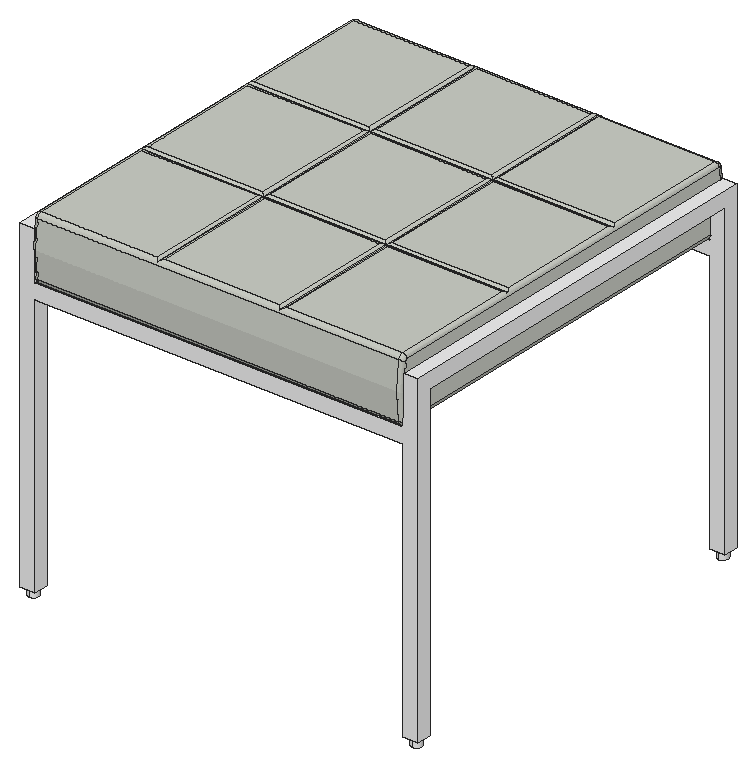
Revit family
Parameters
  Width = 1' - 8"  # constant formula
  URL = "http://elanbydecca.com/"
  Upholstery [instance] = Furniture - DECCA (Elan) - Ethos - Upholstery
  Base [instance] = Furniture - DECCA (Elan) - Ethos - Base
  Product URL = "http://elanbydecca.com/PDFs/elan_tearsheet-vertex.pdf"
  Model = "FT BE630"
  Manufacturer = "Decca Contract"
  Height = 1' - 5 1/2"  # constant formula
  Description = "Ethos, Bench"
  Depth = 1' - 8"  # constant formula
  Assembly Description = "Furniture & Accessories"
  Assembly Code = "E2020200"
Reference planes (in)
  plane 1 "Center Front/Back": y = -0.7524
  plane 2: z = 0
  plane 3 "Center Left/Right": x = 0
  plane 4 "L": x = -10
  plane 5 "R": x = 10
  plane 6 "F": y = -10.7524
  plane 7: y = 9.2476
  plane 8: through (-6.25338, 2.33237, 23.38953) normal (0.4297, -0.4297, 0.7941)
  plane 9 "ST": z = 17.5
  plane 10: z = 0.375
  plane 11: x = -9.25
  plane 12: x = 9.25
  plane 13: z = 16.75
  plane 14: z = 16
  plane 15: z = 13.57168
  plane 16: z = 14.32168
  plane 17: y = 8.4976
  plane 18: y = -10.0024
  plane 19: x = -0.375
  plane 20: x = 0.375
  plane 21: y = 2.58093
  plane 22: y = -4.08573
  plane 23: x = -3.08333
  plane 24: x = 3.08333
Forms (in)
  Extrusion 1, solid, material "Furniture - DECCA (Elan) - Ethos - Base" <- "Base"
    sketch origin (0, 0, 0) x (0, 1, 0) y (0, 0, 1)
      loop
        line (9.2476, 0.375) -> (9.2476, 16.75) -> (-10.7524, 16.75) -> (-10.7524, 0.375) -> (-10.0024, 0.375) -> (-10.0024, 16) -> (8.4976, 16) -> (8.4976, 0.375) -> (9.2476, 0.375)
    from -10 to -9.25
  Extrusion 2, solid, material "Furniture - DECCA (Elan) - Ethos - Base" <- "Base"
    sketch origin (0, 0, 0) x (0, 1, 0) y (0, 0, 1)
      loop
        line (9.2476, 0.375) -> (9.2476, 16.75) -> (-10.7524, 16.75) -> (-10.7524, 0.375) -> (-10.0024, 0.375) -> (-10.0024, 16) -> (8.4976, 16) -> (8.4976, 0.375) -> (9.2476, 0.375)
    from 9.25 to 10
  Extrusion 3, solid, material "Furniture - DECCA (Elan) - Ethos - Base" <- "Base"
    sketch origin (0, 0, 0) x (0, 1, 0) y (0, 0, 1)
      loop
        line (9.2476, 13.57168) -> (9.2476, 14.32168) -> (8.4976, 14.32168) -> (8.4976, 13.57168) -> (9.2476, 13.57168)
      loop
        line (-10.7524, 13.57168) -> (-10.0024, 13.57168) -> (-10.0024, 14.32168) -> (-10.7524, 14.32168) -> (-10.7524, 13.57168)
    from -9.25 to 9.25
  Extrusion 4, solid, material "Furniture - DECCA (Elan) - Ethos - Base" <- "Base"
    sketch origin (0, 0, 7.44949) x (0, -1, 0) y (1, 0, 0)
      loop
        circle (-8.8726, -9.625) r 0.25
      loop
        circle (-8.8726, 9.625) r 0.25
      loop
        circle (10.3774, -9.625) r 0.25
      loop
        circle (10.3774, 9.625) r 0.25
    from -7.44949 to -7.07449
  Extrusion 5, solid, material "Furniture - DECCA (Elan) - Ethos - Base" <- "Base"
    sketch origin (0, -16.42176, 0) x (1, 0, 0) y (0, 0, -1)
      loop
        line (-0.375, -14.32168) -> (0.375, -14.32168) -> (0.375, -13.57168) -> (-0.375, -13.57168) -> (-0.375, -14.32168)
    from 6.41936 to 24.91936
  Extrusion 6, solid, material "Furniture - DECCA (Elan) - Ethos - Upholstery" <- "Upholstery"
    sketch origin (0, 0, 0) x (0, 1, 0) y (0, 0, 1)
      loop
        line (9.04223, 17.5) -> (-10.54703, 17.5)
        arc (-10.54703, 17.5) -> (-10.70704, 17.44208) -> (-10.79292, 17.29516) r 0.25
        arc (-10.79292, 17.29516) -> (-10.919, 15.91084) -> (-10.79292, 14.52651) r 7.66267
        arc (-10.79292, 14.52651) -> (-10.70704, 14.3796) -> (-10.54703, 14.32168) r 0.25
        line (-10.54703, 14.32168) -> (9.04223, 14.32168)
        arc (9.04223, 14.32168) -> (9.20224, 14.3796) -> (9.28812, 14.52651) r 0.25
        arc (9.28812, 14.52651) -> (9.4142, 15.91084) -> (9.28812, 17.29516) r 7.66267
        arc (9.28812, 17.29516) -> (9.20224, 17.44208) -> (9.04223, 17.5) r 0.25
    from -9.25 to 9.25
  Sweep 7, void
    path origin (-9.25, 0, 0) x (0, 1, 0) y (0, 0, 1)
      loop
        arc (-10.54703, 17.5) -> (-10.70704, 17.44208) -> (-10.79292, 17.29516) r 0.25
        arc (-10.79292, 17.29516) -> (-10.919, 15.91084) -> (-10.79292, 14.52651) r 7.66267
        arc (-10.79292, 14.52651) -> (-10.70704, 14.3796) -> (-10.54703, 14.32168) r 0.25
        line (-10.54703, 14.32168) -> (9.04223, 14.32168)
        arc (9.04223, 14.32168) -> (9.20224, 14.3796) -> (9.28812, 14.52651) r 0.25
        arc (9.28812, 14.52651) -> (9.4142, 15.91084) -> (9.28812, 17.29516) r 7.66267
        arc (9.28812, 17.29516) -> (9.20224, 17.44208) -> (9.04223, 17.5) r 0.25
        line (9.04223, 17.5) -> (-10.54703, 17.5)
    profile origin (-9.25, -0.7524, 17.5) x (0, 0, 1) y (1, 0, 0)
      loop
        arc (-0.1875, 0) -> (0.13258, -0.13258) -> (0, 0.1875) r 0.1875
        arc (0, 0.1875) -> (-0.05492, 0.05492) -> (-0.1875, 0) r 0.1875
  Sweep 8, void
    path origin (9.25, 0, 0) x (0, 1, 0) y (0, 0, 1)
      loop
        line (9.04223, 17.5) -> (-10.54703, 17.5)
        arc (-10.54703, 17.5) -> (-10.70704, 17.44208) -> (-10.79292, 17.29516) r 0.25
        arc (-10.79292, 17.29516) -> (-10.919, 15.91084) -> (-10.79292, 14.52651) r 7.66267
        arc (-10.79292, 14.52651) -> (-10.70704, 14.3796) -> (-10.54703, 14.32168) r 0.25
        line (-10.54703, 14.32168) -> (9.04223, 14.32168)
        arc (9.04223, 14.32168) -> (9.20224, 14.3796) -> (9.28812, 14.52651) r 0.25
        arc (9.28812, 14.52651) -> (9.4142, 15.91084) -> (9.28812, 17.29516) r 7.66267
        arc (9.28812, 17.29516) -> (9.20224, 17.44208) -> (9.04223, 17.5) r 0.25
    profile origin (9.25, -0.7524, 17.5) x (0, 0, -1) y (1, 0, 0)
      loop
        arc (0.1875, 0) -> (-0.13258, 0.13258) -> (0, -0.1875) r 0.1875
        arc (0, -0.1875) -> (0.05492, -0.05492) -> (0.1875, 0) r 0.1875
  Sweep 9, void
    path origin (0, 0, 17.5) x (-1, 0, 0) y (0, -1, 0)
      loop
        line (10, -2.58093) -> (-10, -2.58093)
    profile origin (0, 2.58093, 17.5) x (0, 1, 0) y (0, 0, 1)
      loop
        arc (0.2207, 0) -> (0, 0.2207) -> (-0.2207, 0) r 0.2207
        line (-0.2207, 0) -> (-0.1796, 0)
        arc (-0.1796, 0) -> (-0.09086, -0.02233) -> (-0.02325, -0.08401) r 0.1875
        line (-0.02325, -0.08401) -> (0, -0.11914) -> (0.02325, -0.08401)
        arc (0.02325, -0.08401) -> (0.09086, -0.02233) -> (0.1796, 0) r 0.1875
        line (0.1796, 0) -> (0.2207, 0)
  Sweep 10, void
    path origin (0, -6.66667, 17.5) x (-1, 0, 0) y (0, -1, 0)
      loop
        line (10, -2.58093) -> (-10, -2.58093)
    profile origin (0, -4.08573, 17.5) x (0, 1, 0) y (0, 0, 1)
      loop
        arc (0.2207, 0) -> (0, 0.2207) -> (-0.2207, 0) r 0.2207
        line (-0.2207, 0) -> (-0.1796, 0)
        arc (-0.1796, 0) -> (-0.09086, -0.02233) -> (-0.02325, -0.08401) r 0.1875
        line (-0.02325, -0.08401) -> (0, -0.11914) -> (0.02325, -0.08401)
        arc (0.02325, -0.08401) -> (0.09086, -0.02233) -> (0.1796, 0) r 0.1875
        line (0.1796, 0) -> (0.2207, 0)
  Sweep 11, void
    path origin (-10.2524, 2.58093, 17.5) x (0, -1, 0) y (1, 0, 0)
      loop
        line (20, 7.16907) -> (-20, 7.16907)
    profile origin (-3.08333, 2.58093, 17.5) x (-1, 0, 0) y (0, 0, 1)
      loop
        arc (0.2207, 0) -> (0, 0.2207) -> (-0.2207, 0) r 0.2207
        line (-0.2207, 0) -> (-0.1796, 0)
        arc (-0.1796, 0) -> (-0.09086, -0.02233) -> (-0.02325, -0.08401) r 0.1875
        line (-0.02325, -0.08401) -> (0, -0.11914) -> (0.02325, -0.08401)
        arc (0.02325, -0.08401) -> (0.09086, -0.02233) -> (0.1796, 0) r 0.1875
        line (0.1796, 0) -> (0.2207, 0)
  Sweep 12, void
    path origin (8.9976, 2.58093, 17.5) x (0, -1, 0) y (1, 0, 0)
      loop
        line (20, -5.91427) -> (-20, -5.91427)
    profile origin (3.08333, 2.58093, 17.5) x (-1, 0, 0) y (0, 0, 1)
      loop
        arc (0.2207, 0) -> (0, 0.2207) -> (-0.2207, 0) r 0.2207
        line (-0.2207, 0) -> (-0.1796, 0)
        arc (-0.1796, 0) -> (-0.09086, -0.02233) -> (-0.02325, -0.08401) r 0.1875
        line (-0.02325, -0.08401) -> (0, -0.11914) -> (0.02325, -0.08401)
        arc (0.02325, -0.08401) -> (0.09086, -0.02233) -> (0.1796, 0) r 0.1875
        line (0.1796, 0) -> (0.2207, 0)
Cuts and joins
  Sweep 8 cuts Extrusion 1
  Sweep 8 cuts Extrusion 4
  Sweep 8 cuts Extrusion 5
  joined: Extrusion 1, Extrusion 2, Extrusion 3, Extrusion 4, Extrusion 5
  Sweep 7, Sweep 8, Sweep 9, Sweep 10, Sweep 11, Sweep 12 cuts Extrusion 6
Dimensions and locks (in)
  equal spacing: plane 4 "L", plane 3 "Center Left/Right", plane 5 "R"
  equal spacing: plane 7, plane 1 "Center Front/Back", plane 6 "F"
  "Width": plane 4 "L" to plane 5 "R"
  "Depth": plane 7 to plane 6 "F"
  "Height": plane 9 "ST" to level
  locked: plane 4 "L" to plane 11 at 0.75
  locked: plane 12 to plane 5 "R" at 0.75
  locked: plane 7 to plane 17 at 0.75
  locked: plane 18 to plane 6 "F" at 0.75
  plane 19 to plane 3 "Center Left/Right" to plane 20 = 0' - 0 3/8" locked, 0' - 0 3/8" locked
  equal spacing: plane 7, plane 21, plane 22, plane 6 "F"
  equal spacing: plane 11, plane 23, plane 24, plane 12
  aligned and locked: plane 7 to Extrusion 1 sketch curve
  aligned and locked: plane 10 to Extrusion 1 sketch curve
  aligned and locked: plane 6 "F" to Extrusion 1 sketch curve
  aligned and locked: plane 13 to Extrusion 1 sketch curve
  aligned and locked: plane 14 to Extrusion 1 sketch curve
  aligned and locked: Extrusion 1 to plane 4 "L"
  aligned and locked: plane 11 to Extrusion 1
  aligned and locked: Extrusion 2 to plane 5 "R"
  aligned and locked: plane 12 to Extrusion 2
  aligned and locked: plane 7 to Extrusion 3 sketch curve
  aligned and locked: plane 16 to Extrusion 3 sketch curve
  aligned and locked: plane 15 to Extrusion 3 sketch curve
  aligned and locked: plane 6 "F" to Extrusion 3 sketch curve
  aligned and locked: Extrusion 3 to plane 11
  aligned and locked: Extrusion 3 to plane 12
  aligned and locked: Extrusion 4 to level
  aligned and locked: plane 10 to Extrusion 4
  aligned and locked: plane 16 to Extrusion 5 sketch curve
  aligned and locked: plane 15 to Extrusion 5 sketch curve
  aligned and locked: plane 19 to Extrusion 5 sketch curve
  aligned and locked: Extrusion 5 sketch curve to plane 20
  aligned and locked: plane 17 to Extrusion 5
  aligned and locked: plane 18 to Extrusion 5
  aligned and locked: plane 9 "ST" to Extrusion 6 sketch curve
  aligned and locked: plane 16 to Extrusion 6 sketch curve
  aligned and locked: Extrusion 6 to plane 11
  aligned and locked: Extrusion 6 to plane 12
  aligned and locked: profile plane to Sweep 9 sketch curve  (x2)
  aligned and locked: profile plane to Sweep 10 sketch curve  (x2)
  aligned and locked: profile plane to Sweep 11 sketch curve  (x2)
  aligned and locked: profile plane to Sweep 12 sketch curve  (x2)
Automatic sketch dimensions
  Extrusion 1 sketch curve to plane 18 = 0' - 0"
  Extrusion 1 sketch curve to plane 17 = 0' - 0"
  Extrusion 1 sketch curve to plane 10 = 0' - 0"
  Extrusion 2 sketch curve to plane 6 "F" = 0' - 0"
  Extrusion 2 sketch curve to plane 14 = 0' - 0"
  Extrusion 2 sketch curve to plane 18 = 0' - 0"
  Extrusion 2 sketch curve to plane 10 = 0' - 0"  (x2)
  Extrusion 2 sketch curve to plane 17 = 0' - 0"
  Extrusion 2 sketch curve to plane 7 = 0' - 0"
  Extrusion 2 sketch curve to plane 13 = 0' - 0"
  Extrusion 3 sketch curve to plane 15 = 0' - 0"
  Extrusion 3 sketch curve to plane 18 = 0' - 0"
  Extrusion 3 sketch curve to plane 17 = 0' - 0"
  Extrusion 3 sketch curve to plane 16 = 0' - 0"
  Extrusion 4 sketch curve to plane 7 = 0' - 0 3/8"  (x2)
  plane 6 "F" to Extrusion 4 sketch curve = 0' - 0 3/8"  (x2)
  plane 4 "L" to Extrusion 4 sketch curve = 0' - 0 3/8"  (x2)
  plane 5 "R" to Extrusion 4 sketch curve = 0' - 0 3/8"  (x2)
  Extrusion 6 sketch curve to plane 6 "F" = 0' - 0.04052"  (x2)
  Extrusion 6 sketch curve to Extrusion 6 sketch curve = 0' - 0"  (x3)
  plane 6 "F" to Extrusion 6 sketch curve = 0' - 0.20537"  (x2)
  plane 22 to Extrusion 6 sketch curve = 0' - 0.8294"
  Extrusion 6 sketch curve to plane 14 = 0' - 0.08916"
  Extrusion 6 sketch curve to plane 21 = 0' - 0.8294"
  Extrusion 6 sketch curve to plane 7 = 0' - 0.20537"  (x2)
  plane 7 to Extrusion 6 sketch curve = 0' - 0.04052"  (x2)
  Sweep 7 sketch curve to Sweep 7 sketch curve = 0' - 7.2907"
  Sweep 7 sketch curve to Sweep 7 sketch curve = 0' - 0"
  Extrusion 6 to Sweep 7 sketch curve = 0' - 0.20484"  (x2)
  Sweep 7 sketch curve to profile plane = 0' - 0"  (x2)
  profile plane to Sweep 7 sketch curve = 0' - 0 3/16"
  Sweep 8 sketch curve to Extrusion 6 = 0' - 0 1/4"  (x2)
  Sweep 8 sketch curve to Sweep 8 sketch curve = 0' - 7.2907"
  Sweep 8 sketch curve to Sweep 8 sketch curve = 0' - 0"
  Sweep 8 sketch curve to profile plane = 0' - 0"  (x2)
  Sweep 8 sketch curve to profile plane = 0' - 0 3/16"
  Sweep 9 sketch curve to plane 5 "R" = 0' - 0"
  Sweep 9 sketch curve to plane 4 "L" = 0' - 0"
  Sweep 9 sketch curve to plane 21 = 0' - 0"
  Sweep 9 sketch curve to profile plane = 0' - 0"  (x2)
  profile plane to Sweep 9 sketch curve = 0' - 0.02325"
  profile plane to Sweep 9 sketch curve = 0' - 0.1796"
  Sweep 9 sketch curve to Sweep 9 sketch curve = 0' - 0.0411"  (x2)
  Sweep 9 sketch curve to profile plane = 0' - 0.02325"
  Sweep 9 sketch curve to plane 9 "ST" = 0' - 0.08401"
  Sweep 9 sketch curve to Sweep 9 sketch curve = 0' - 0"
  Sweep 9 sketch curve to Sweep 9 sketch curve = 0' - 0.03513"
  Sweep 10 sketch curve to plane 5 "R" = 0' - 0"
  Sweep 10 sketch curve to plane 4 "L" = 0' - 0"
  Sweep 10 sketch curve to plane 22 = 0' - 0"
  Sweep 10 sketch curve to profile plane = 0' - 0"  (x2)
  profile plane to Sweep 10 sketch curve = 0' - 0.02325"
  profile plane to Sweep 10 sketch curve = 0' - 0.1796"
  Sweep 10 sketch curve to Sweep 10 sketch curve = 0' - 0.0411"  (x2)
  Sweep 10 sketch curve to profile plane = 0' - 0.02325"
  Sweep 10 sketch curve to plane 9 "ST" = 0' - 0.08401"
  Sweep 10 sketch curve to Sweep 10 sketch curve = 0' - 0"
  Sweep 10 sketch curve to Sweep 10 sketch curve = 0' - 0.03513"
  Sweep 11 sketch curve to plane 23 = 0' - 0"
  plane 7 to Sweep 11 sketch curve = 1' - 1.33333"
  Sweep 11 sketch curve to plane 6 "F" = 0' - 6.66667"
  Sweep 11 sketch curve to profile plane = 0' - 0"  (x2)
  profile plane to Sweep 11 sketch curve = 0' - 0.02325"
  profile plane to Sweep 11 sketch curve = 0' - 0.1796"
  Sweep 11 sketch curve to Sweep 11 sketch curve = 0' - 0.0411"  (x2)
  Sweep 11 sketch curve to profile plane = 0' - 0.02325"
  Sweep 11 sketch curve to plane 9 "ST" = 0' - 0.08401"
  Sweep 11 sketch curve to Sweep 11 sketch curve = 0' - 0"
  Sweep 11 sketch curve to Sweep 11 sketch curve = 0' - 0.03513"
  Sweep 12 sketch curve to plane 24 = 0' - 0"
  plane 7 to Sweep 12 sketch curve = 1' - 1.33333"
  Sweep 12 sketch curve to plane 6 "F" = 0' - 6.66667"
  Sweep 12 sketch curve to profile plane = 0' - 0"  (x2)
  profile plane to Sweep 12 sketch curve = 0' - 0.02325"
  profile plane to Sweep 12 sketch curve = 0' - 0.1796"
  Sweep 12 sketch curve to Sweep 12 sketch curve = 0' - 0.0411"  (x2)
  Sweep 12 sketch curve to profile plane = 0' - 0.02325"
  Sweep 12 sketch curve to plane 9 "ST" = 0' - 0.08401"
  Sweep 12 sketch curve to Sweep 12 sketch curve = 0' - 0"
  Sweep 12 sketch curve to Sweep 12 sketch curve = 0' - 0.03513"
  radius of Extrusion 4 sketch curve = 0' - 0 1/4"  (x4)
  radius of Sweep 7 sketch curve to Extrusion 6 = 0' - 0"  (x4)
  radius of Sweep 8 sketch curve to Extrusion 6 = 0' - 0"  (x4)
